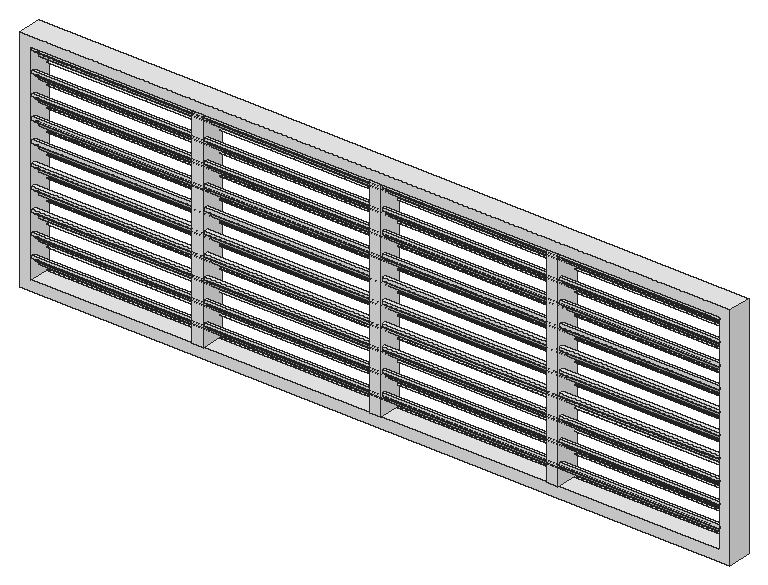
Revit family
Parameters
  폭 1 = Width - 90 mm  # 3010 mm
  그릴 두께 = 100 mm
  Grill Panel 갯수 = 10
  그릴 패널 = AG9 그릴 패널
  그릴 프레임 = AG9 그릴 프레임
  프레임 투영 외부. = 25 mm
  프레임 투영 내부. = 25 mm
  프레임 폭 = 75 mm
  Height = 1000 mm
  Wall Closure = (empty or 0)
  Width = 3100 mm
  기본 씰 높이 = 0 mm
Reference planes
  plane 1: y = 0
  plane 2 "중심(왼쪽/오른쪽)": x = 0
  plane 3 "외부": y = 75
  plane 4 "내부": y = -75
  plane 5: y = -25
  plane 6: z = 0
  plane 7: z = 1000
  plane 8: x = -1550
  plane 9: x = 1550
  plane 10: x = -1504.925
  plane 11: x = 1504.925
  plane 12: x = -25
  plane 13: x = 25
  plane 14: z = 954.925
  plane 15: z = 45
  plane 16: x = -775
  plane 17: x = 775
  plane 18: x = -750
  plane 19: x = -800
  plane 20: x = 800
  plane 21: x = 750
  plane 22: z = 0
  plane 23: y = 72
Forms (mm)
  Extrusion 1, solid, material "AG9 그릴 프레임" <- "그릴 프레임"
    sketch origin (0, 0, 0) x (1, 0, 0) y (0, 1, 0)
      loop
        line (-25, 75) -> (-25, -25) -> (25, -25) -> (25, 75) -> (-25, 75)
    from 45 to 954.925
  Extrusion 2, solid, material "AG9 그릴 프레임" <- "그릴 프레임"
    sketch origin (0, 0, 0) x (1, 0, 0) y (0, 1, 0)
      loop
        line (-800, 75) -> (-800, -25) -> (-750, -25) -> (-750, 75) -> (-800, 75)
      loop
        line (750, 75) -> (750, -25) -> (800, -25) -> (800, 75) -> (750, 75)
    from 45 to 954.925
  Extrusion 3, solid, material "AG9 그릴 프레임" <- "그릴 프레임"
    sketch origin (0, 75, 0) x (1, 0, 0) y (0, 0, 1)
      loop
        line (1550, 1000) -> (-1550, 1000) -> (-1550, 0) -> (1550, 0) -> (1550, 1000)
      loop
        line (1504.925, 954.925) -> (-1504.925, 954.925) -> (-1504.925, 45) -> (1504.925, 45) -> (1504.925, 954.925)
    from 0 to 100
Lines and regions (mm)
  Opening 1
    outline origin (-5000, -75, 0) x (1, 0, 0) y (0, 0, 1)
      loop
        line (6550, 1000) -> (3450, 1000) -> (3450, 0) -> (6550, 0) -> (6550, 1000)
Text (mm)
  text "외부" at (-2295.016, 1099.543, 0), in view "참조 레벨"
  text "외부" at (0, 1615.38, 3698.081), in view "왼쪽"
  text "외부" at (0, 1036.032, 3874.932), in view "오른쪽"
Dimensions and locks
  locked: plane 3 "외부" to host wall at 0
  locked: plane 4 "내부" to host wall
  host wall to host wall = 5000 mm
  "그릴 두께": plane 5 to plane 3 "외부"
  "Width": plane 8 to plane 9
  "Height": level to plane 7
  locked: plane 8 to plane 10 at 45.075
  locked: plane 11 to plane 9 at 45.075
  plane 12 to plane 2 "중심(왼쪽/오른쪽)" to plane 13 = 25 mm locked, 25 mm locked
  locked: plane 14 to plane 7 at 45.075
  equal spacing: plane 8, plane 16, plane 2 "중심(왼쪽/오른쪽)", plane 17, plane 9
  plane 19 to plane 16 to plane 18 = 25 mm locked, 25 mm locked
  plane 21 to plane 17 to plane 20 = 25 mm locked, 25 mm locked
  locked: plane 22 to plane 15 at 45
  "기본 씰 높이": plane 6 to plane 22
  locked: host wall to plane 23 at 3
  equal spacing: group 1, group 3, group 4, group 5, group 6, group 7, group 8, group 9, group 10, group 2  (x2)
  equal spacing: group 2, group 10, group 9, group 8, group 7, group 6, group 5, group 4, group 3, group 1
  aligned and locked: plane 1 to host wall
  aligned and locked: plane 9 to Opening 1 sketch curve
  aligned and locked: plane 7 to Opening 1 sketch curve
  aligned and locked: plane 6 to Opening 1 sketch curve
  aligned and locked: Opening 1 sketch curve to plane 8
  aligned and locked: plane 12 to Extrusion 1 sketch curve
  aligned and locked: plane 3 "외부" to Extrusion 1 sketch curve
  aligned and locked: plane 5 to Extrusion 1 sketch curve
  aligned and locked: Extrusion 1 sketch curve to plane 13
  aligned and locked: plane 14 to Extrusion 1
  aligned and locked: Extrusion 1 to plane 15
  aligned and locked: plane 19 to Extrusion 2 sketch curve
  aligned and locked: plane 3 "외부" to Extrusion 2 sketch curve  (x2)
  aligned and locked: plane 5 to Extrusion 2 sketch curve
  aligned and locked: plane 18 to Extrusion 2 sketch curve
  aligned and locked: plane 21 to Extrusion 2 sketch curve
  aligned and locked: plane 20 to Extrusion 2 sketch curve
  aligned and locked: Extrusion 3 sketch curve to plane 7
  aligned and locked: Extrusion 3 sketch curve to plane 9
  aligned and locked: plane 22 to Extrusion 3 sketch curve
  aligned and locked: plane 8 to Extrusion 3 sketch curve
  aligned and locked: plane 11 to Extrusion 3 sketch curve
  aligned and locked: plane 14 to Extrusion 3 sketch curve
  aligned and locked: plane 15 to Extrusion 3 sketch curve
  aligned and locked: plane 10 to Extrusion 3 sketch curve
  aligned and locked: Extrusion 2 to plane 15
  aligned and locked: Extrusion 3 to plane 3 "외부"
  aligned and locked: plane 5 to Extrusion 3
  aligned and locked: plane 14 to Extrusion 2
  aligned and locked: Extrusion 2 to Extrusion 3
  aligned and locked: nested 1 to Extrusion 3
  aligned and locked: nested 1 to plane 23
  aligned and locked: nested 2 to plane 23
  aligned and locked: nested 2 to Extrusion 3
Automatic sketch dimensions
  Extrusion 2 sketch curve to plane 5 = 0 mm
Nested families
  nested 1: "셔터 블레이드" at (0, -21.656, 954.925), type "셔터 블레이드"
    with 폭 3010 mm
  nested 2: "셔터 블레이드" at (0, -21.656, 140.158), type "셔터 블레이드"
    with 폭 3010 mm
  nested 3: "셔터 블레이드" at (0, -21.656, 864.395), type "셔터 블레이드"
    with 폭 3010 mm
  nested 4: "셔터 블레이드" at (0, -21.656, 773.866), type "셔터 블레이드"
    with 폭 3010 mm
  nested 5: "셔터 블레이드" at (0, -21.656, 683.336), type "셔터 블레이드"
    with 폭 3010 mm
  nested 6: "셔터 블레이드" at (0, -21.656, 592.806), type "셔터 블레이드"
    with 폭 3010 mm
  nested 7: "셔터 블레이드" at (0, -21.656, 502.277), type "셔터 블레이드"
    with 폭 3010 mm
  nested 8: "셔터 블레이드" at (0, -21.656, 411.747), type "셔터 블레이드"
    with 폭 3010 mm
  nested 9: "셔터 블레이드" at (0, -21.656, 321.218), type "셔터 블레이드"
    with 폭 3010 mm
  nested 10: "셔터 블레이드" at (0, -21.656, 230.688), type "셔터 블레이드"
    with 폭 3010 mm
Definition of nested family "셔터 블레이드"
  Parameters
    폭 = 1400 mm
    그릴 패널 = none
  Reference planes
    plane 1 "중심(앞/뒤)": y = 0
    plane 2: z = 0
    plane 3 "중심(왼쪽/오른쪽)": x = 0
    plane 4: x = -700
    plane 5: x = 700
  Forms (mm)
    Extrusion 1, solid, material <- "그릴 패널"
      sketch origin (-1827.286, -3.089, -2354.925) x (0, -1, 0) y (0, 0, 1)
        loop
          line (-15.61, 2354.925) -> (-15.61, 2352.922) -> (-5.092, 2352.922) -> (-5.092, 2343.354) -> (-60.985, 2311.084) -> (-59.983, 2309.349) -> (-52.711, 2313.548)
          arc (-52.711, 2313.548) -> (-43.568, 2311.098) -> (-46.018, 2301.955) r 6.693
          line (-46.018, 2301.955) -> (-71.766, 2287.09)
          arc (-71.766, 2287.09) -> (-71.967, 2288.591) -> (-72.782, 2289.867) r 3.506
          arc (-72.782, 2289.867) -> (-73.392, 2290.063) -> (-73.907, 2289.681) r 0.701
          arc (-73.907, 2289.681) -> (-74.029, 2289.222) -> (-73.83, 2288.79) r 0.701
          arc (-73.83, 2288.79) -> (-75.259, 2285.383) -> (-76.688, 2288.79) r 2.003
          arc (-76.688, 2288.79) -> (-76.489, 2289.222) -> (-76.611, 2289.681) r 0.701
          arc (-76.611, 2289.681) -> (-77.125, 2290.063) -> (-77.735, 2289.867) r 0.701
          arc (-77.735, 2289.867) -> (-78.713, 2286.783) -> (-76.749, 2284.213) r 3.506
          line (-76.749, 2284.213) -> (-96.745, 2272.494) -> (-96.745, 2259.767) -> (-84.224, 2259.767) -> (-84.224, 2261.77) -> (-94.741, 2261.77) -> (-94.741, 2271.338) -> (-45.016, 2300.22)
          arc (-45.016, 2300.22) -> (-40.804, 2309.286) -> (-47.903, 2316.324) r 8.697
          line (-47.903, 2316.324) -> (-28.368, 2327.602)
          arc (-28.368, 2327.602) -> (-28.167, 2326.101) -> (-27.352, 2324.824) r 3.506
          arc (-27.352, 2324.824) -> (-26.742, 2324.629) -> (-26.227, 2325.011) r 0.701
          arc (-26.227, 2325.011) -> (-26.105, 2325.47) -> (-26.304, 2325.901) r 0.701
          arc (-26.304, 2325.901) -> (-24.875, 2329.309) -> (-23.446, 2325.901) r 2.003
          arc (-23.446, 2325.901) -> (-23.645, 2325.47) -> (-23.523, 2325.011) r 0.701
          arc (-23.523, 2325.011) -> (-23.009, 2324.629) -> (-22.399, 2324.824) r 0.701
          arc (-22.399, 2324.824) -> (-21.421, 2327.908) -> (-23.385, 2330.479) r 3.506
          line (-23.385, 2330.479) -> (-3.089, 2342.197) -> (-3.089, 2354.925) -> (-15.61, 2354.925)
      from -1127.286 to -2527.286
  Dimensions and locks
    equal spacing: plane 4, plane 3 "중심(왼쪽/오른쪽)", plane 5
    "폭": plane 4 to plane 5
    aligned and locked: Extrusion 1 to plane 4
    aligned and locked: plane 5 to Extrusion 1
  Automatic sketch dimensions
    Extrusion 1 sketch curve to Extrusion 1 sketch curve = 0 mm  (x22)
    Extrusion 1 sketch curve to level = 0 mm
    Extrusion 1 sketch curve to plane 1 "중심(앞/뒤)" = 0 mm
    Extrusion 1 sketch curve to plane 1 "중심(앞/뒤)" = 2.003 mm
    Extrusion 1 sketch curve to level = 2.003 mm
    Extrusion 1 sketch curve to Extrusion 1 sketch curve = 10.517 mm  (x2)
    Extrusion 1 sketch curve to plane 1 "중심(앞/뒤)" = 19.31 mm
    Extrusion 1 sketch curve to Extrusion 1 sketch curve = 0.495 mm  (x4)
    Extrusion 1 sketch curve to Extrusion 1 sketch curve = 0.053 mm  (x4)
    Extrusion 1 sketch curve to Extrusion 1 sketch curve = 0.439 mm
    Extrusion 1 sketch curve to Extrusion 1 sketch curve = 0.5 mm  (x3)
    Extrusion 1 sketch curve to Extrusion 1 sketch curve = 0.629 mm  (x2)
    Extrusion 1 sketch curve to Extrusion 1 sketch curve = 1.429 mm  (x2)
    Extrusion 1 sketch curve to Extrusion 1 sketch curve = 1.352 mm  (x2)
    Extrusion 1 sketch curve to Extrusion 1 sketch curve = 0.076 mm  (x2)
    Extrusion 1 sketch curve to Extrusion 1 sketch curve = 2.065 mm
    Extrusion 1 sketch curve to Extrusion 1 sketch curve = 17.665 mm
    Extrusion 1 sketch curve to Extrusion 1 sketch curve = 1.002 mm  (x2)
    Extrusion 1 sketch curve to Extrusion 1 sketch curve = 1.885 mm
    Extrusion 1 sketch curve to Extrusion 1 sketch curve = 3.347 mm
    Extrusion 1 sketch curve to Extrusion 1 sketch curve = 4.809 mm
    Extrusion 1 sketch curve to Extrusion 1 sketch curve = 7.272 mm
    Extrusion 1 sketch curve to level = 43.841 mm
    Extrusion 1 sketch curve to Extrusion 1 sketch curve = 11.782 mm
    Extrusion 1 sketch curve to Extrusion 1 sketch curve = 1.017 mm
    Extrusion 1 sketch curve to Extrusion 1 sketch curve = 1.49 mm
    Extrusion 1 sketch curve to Extrusion 1 sketch curve = 0.576 mm
    Extrusion 1 sketch curve to Extrusion 1 sketch curve = 7.475 mm
    Extrusion 1 sketch curve to Extrusion 1 sketch curve = 2.003 mm  (x2)
    Extrusion 1 sketch curve to Extrusion 1 sketch curve = 1.735 mm  (x2)
    Extrusion 1 sketch curve to Extrusion 1 sketch curve = 5.796 mm
    Extrusion 1 sketch curve to Extrusion 1 sketch curve = 19.482 mm
    Extrusion 1 sketch curve to Extrusion 1 sketch curve = 0.186 mm  (x2)
    Extrusion 1 sketch curve to Extrusion 1 sketch curve = 11.718 mm
    Extrusion 1 sketch curve to Extrusion 1 sketch curve = 1.157 mm  (x2)
    Extrusion 1 sketch curve to Extrusion 1 sketch curve = 9.568 mm
    Extrusion 1 sketch curve to Extrusion 1 sketch curve = 18.53 mm
